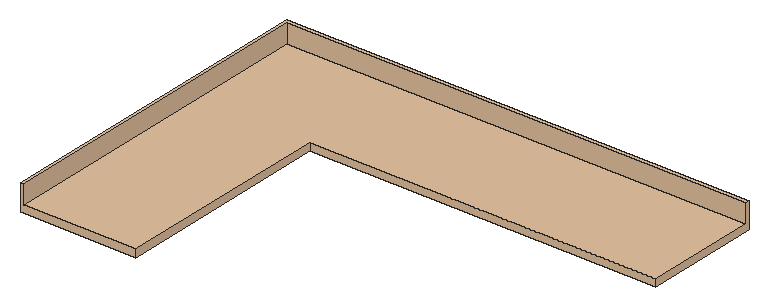
Revit family "Counter Top-L Shaped (NZ)", category 케이스워크, Revit 2026
Family settings
  작업 기준면 기반 = 아니오
  항상 수직 = 예
  로드될 때 보이드를 사용하여 절단 = 아니오
  공유 = 예
  룸 계산 점 = 아니오
Parameters (values of type "600mm Depth")
  기본 높이 = 0 mm
  Counter Thickness = 40 mm
  Counter Top Material = none
  깊이 = 625 mm
  Height [instance] = 900 mm
  Length - Leg 1 [instance] = 2500 mm
  Length - Leg 2 [instance] = 1800 mm
  Assembly Code = ""
Reference planes
  plane 1 "Back": y = 0
  plane 2: z = 0
  plane 3 "Left": x = -1200.462
  plane 4 "Right": x = 1299.538
  plane 5 "Front": y = -625
  plane 6 "Top": z = 900
  plane 7: z = 860
  plane 8: y = -19.05
  plane 9: z = 1001.6
  plane 10: x = -575.462
  plane 11: y = -1800
  plane 12: x = -1181.412
Forms (mm)
  Extrusion 1, solid, material <- "Counter Top Material"
    sketch origin (0, 0, 0) x (1, 0, 0) y (0, 1, 0)
      loop
        line (-1200.462, 0) -> (-1200.462, -1800) -> (-575.462, -1800) -> (-575.462, -625) -> (1299.538, -625) -> (1299.538, 0) -> (-1200.462, 0)
    from 860 to 900
  Extrusion 2, solid, material <- "Counter Top Material"
    sketch origin (0, 0, 0) x (1, 0, 0) y (0, 1, 0)
      loop
        line (1299.538, 0) -> (-1200.462, 0) -> (-1200.462, -19.05) -> (1299.538, -19.05) -> (1299.538, 0)
    from 900 to 1001.6
  Extrusion 3, solid, material <- "Counter Top Material"
    sketch origin (0, 0, 0) x (1, 0, 0) y (0, 1, 0)
      loop
        line (-1200.462, -19.05) -> (-1200.462, -1800) -> (-1181.412, -1800) -> (-1181.412, -19.05) -> (-1200.462, -19.05)
    from 900 to 1001.6
Cuts and joins
  joined: Extrusion 1, Extrusion 2, Extrusion 3
Lines and regions (mm)
  Masking region 1
    outline origin (0, 0, 0) x (1, 0, 0) y (0, 1, 0)
      loop
        line (-1200.462, -1800) -> (-575.462, -1800) -> (-575.462, -625) -> (1299.538, -625) -> (1299.538, 0) -> (-1200.462, 0) -> (-1200.462, -1800)
  symbolic lines, style "Counter Top"
    curve 1: line (-1181.412, -19.05, 0) -> (1299.538, -19.05, 0)
    curve 2: line (-1181.412, -1800, 0) -> (-1181.412, -19.05, 0)
Dimensions and locks
  "깊이": plane 5 "Front" to plane 1 "Back"
  "Length - Leg 1": plane 3 "Left" to plane 4 "Right"
  "Height": level to plane 6 "Top"
  "Counter Thickness": plane 7 to plane 6 "Top"
  locked: plane 8 to plane 1 "Back" at 19.05
  plane 6 "Top" to plane 9 = 101.6 mm
  "깊이": plane 3 "Left" to plane 10
  "Length - Leg 2": plane 11 to plane 1 "Back"
  locked: plane 3 "Left" to plane 12 at 19.05
  aligned and locked: plane 1 "Back" to Extrusion 1 sketch curve
  aligned and locked: plane 4 "Right" to Extrusion 1 sketch curve
  aligned and locked: Extrusion 1 sketch curve to plane 5 "Front"
  aligned and locked: Extrusion 1 sketch curve to plane 3 "Left"
  aligned and locked: Extrusion 1 to plane 6 "Top"
  aligned and locked: plane 7 to Extrusion 1
  aligned and locked: Extrusion 2 sketch curve to plane 1 "Back"
  aligned and locked: plane 8 to Extrusion 2 sketch curve
  aligned and locked: Extrusion 2 sketch curve to plane 4 "Right"
  aligned and locked: plane 3 "Left" to Extrusion 2 sketch curve
  aligned and locked: Extrusion 2 to plane 9
  aligned and locked: plane 6 "Top" to Extrusion 2
  aligned and locked: plane 10 to Extrusion 1 sketch curve
  aligned and locked: plane 11 to Extrusion 1 sketch curve
  aligned and locked: plane 12 to Extrusion 3 sketch curve
  aligned and locked: Extrusion 3 to plane 8
  aligned and locked: plane 3 "Left" to Extrusion 3
  aligned and locked: Extrusion 3 to plane 9
  aligned and locked: plane 6 "Top" to Extrusion 3
Automatic sketch dimensions
  plane 3 "Left" to Extrusion 3 sketch curve = 0 mm
  plane 11 to Extrusion 3 sketch curve = 0 mm
  plane 1 "Back" to Extrusion 3 sketch curve = 19.05 mm
  curve 2 to plane 11 = 0 mm
  curve 2 to plane 8 = 0 mm
  curve 1 to plane 4 "Right" = 0 mm
  curve 1 to plane 3 "Left" = 19.05 mm
  Masking region 1 sketch curve to plane 3 "Left" = 0 mm
  Masking region 1 sketch curve to plane 11 = 0 mm
  Masking region 1 sketch curve to plane 5 "Front" = 0 mm
  Masking region 1 sketch curve to plane 10 = 0 mm
  Masking region 1 sketch curve to plane 4 "Right" = 0 mm
  Masking region 1 sketch curve to plane 1 "Back" = 0 mm
